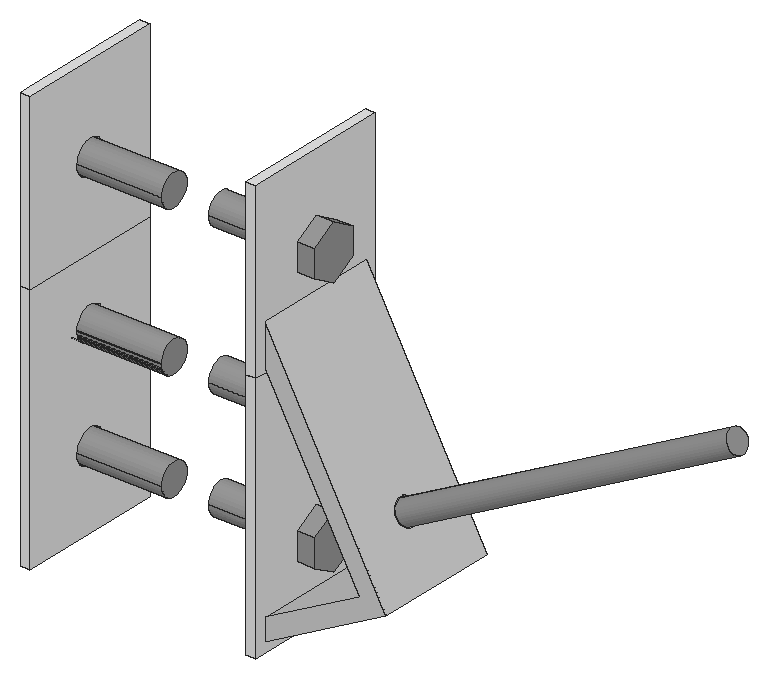
Revit family "CUSTOM GLULAM CONNECTOR", category Structural Connections, Revit 2017
Family settings
  Material for Model Behavior = Other
  Work Plane-Based = No
  Enable cutting in views = Yes
  Always vertical = Yes
  Cut with Voids When Loaded = No
  Shared = No
Parameters (values of type "CUSTOM BRACKET - 1ST - SILL")
  Width - Top = 0' - 6 7/8"
  Upper Plates - 2 = GL Plate - Up : DR
  Upper Plates - 1 = GL Plate - Up : DR
  URL = ""
  Top/Bottom Plate Thickness = 0' - 0 5/16"
  Top/Bottom Plate - Width = 0' - 7 1/2"
  Top Plate Visible = no
  Rod Visibility = yes
  Rod Radius = 0' - 0 3/8"
  Rod Length [instance] = 1' - 0"
  Plate Visibility - Upper Right 2 = no
  Plate Visibility - Upper Right 1 = yes
  Plate Visibility - Upper Left 2 = no
  Plate Visibility - Upper Left 1 = yes
  Plate Visibility - Lower Right 2 = no
  Plate Visibility - Lower Right 1 = yes
  Plate Visibility - Lower Left 2 = no
  Plate Visibility - Lower Left 1 = yes
  Plate Thickness = 0' - 0 5/16"
  Offset - Upper Plate 2 = 0' - 0"
  Lower Plates = GL Plate - Up : DR-lower
  Height of Plate = 0' - 8"
  Width - Bottom = 0' - 6 7/8"
  Plate Width = 0' - 4 3/4"
  Bracket Width = 0' - 4"
  Bracket Visibility = yes
  Bracket Thickness = 0' - 0 5/8"
  Bracket Offset in X = 0' - 3 3/4"
  Bracket Offset in Y = 0' - 0 3/8"
  Bracket Offset = 0' - 0 5/8"
  Bracket Material = 5/8" STEEL ANGLE (HDG AFTER FABRICATION)
  Bracket Leg = 0' - 4 3/8"
  Bracket Hole Radius - Up = 0' - 0 27/64"
  Bracket Hole Radius - Down = 0' - 0 1/64"
  Bracket Hole Offset = 0' - 2"
  Bottom Plate Visible = no
  Beam Width = 0' - 7 3/8"
  Angle 2 = 28.50°
  Angle 1 = 118.50°
Types (6): name | Upper Plates - 2 | Upper Plates - 1 | Rod Visibility | Rod Radius | Plate Visibility - Upper Right 2 | Plate Visibility - Upper Left 2 | Plate Visibility - Upper Left 1 | Plate Visibility - Lower Right 1 | Plate Visibility - Lower Left 1 | Offset - Upper Plate 2 | Lower Plates | Height of Plate | Plate Width | Bracket Width | Bracket Visibility | Bracket Offset in Y | Bracket Offset | Bracket Material | Bracket Leg | Bracket Hole Radius - Up | Bracket Hole Radius - Down | Bracket Hole Offset | Angle 2 | Angle 1
  CUSTOM - L5"x5"x5/16"x13" - HDG | GL Plate - Up : L5"X5"X5/16" -1 | GL Plate - Up : L5"X5"X5/16" -2 | no | 0' - 0 1/2" | yes | no | no | no | no | 0' - 0" | GL Plate - Up : 2nd - head -1 | 1' - 3" | 0' - 5" | 0' - 5 1/4" | no | 0' - 0 3/4" | 0' - 1 1/2" | L5"x5"x5/16" STEEL ANGLE (HDG AFTER FABRICATION) | 0' - 8" | 0' - 0 1/2" | 0' - 0 1/2" | 0' - 2" | 61.00° | 151.00°
  CUSTOM BRACKET - 1ST - HEAD | GL Plate - Up : C | GL Plate - Up : B 2 | no | 0' - 0 3/8" | yes | yes | yes | yes | yes | 0' - 1" | GL Plate - Up : D | 1' - 1" | 0' - 4 3/4" | 0' - 4" | yes | 0' - 0 3/8" | 0' - 1 3/4" | 5/8" STEEL ANGLE (HDG AFTER FABRICATION) | 0' - 8" | 0' - 0 1/64" | 0' - 0 27/64" | 0' - 2 1/2" | 61.50° | 151.50°
  CUSTOM BRACKET -2ND - SILL | GL Plate - Up : D2.2 | GL Plate - Up : D2.2 | yes | 0' - 0 3/8" | no | no | yes | yes | yes | 0' - 0" | GL Plate - Up : D2.1 | 0' - 4 1/2" | 0' - 4 3/4" | 0' - 4" | yes | 0' - 0 3/8" | 0' - 9 7/8" | 5/8" STEEL ANGLE (HDG AFTER FABRICATION) | 0' - 4 1/16" | 0' - 0 27/64" | 0' - 0 1/64" | 0' - 2" | 27.00° | 117.00°
  CUSTOM BRACKET - (C-ROOF) | GL Plate - Up : 2ND HEAD - UP | GL Plate - Up : 2ND HEAD - UP | no | 0' - 0 3/8" | yes | yes | yes | yes | yes | 0' - 0" | GL Plate - Up : 2nd - head -1 | 0' - 10" | 0' - 4 3/4" | 0' - 4" | yes | 0' - 0" | 0' - 1 3/8" | 5/8" STEEL ANGLE (HDG AFTER FABRICATION) | 0' - 8" | 0' - 0 1/64" | 0' - 0 27/64" | 0' - 2" | 63.00° | 153.00°
  CUSTOM BRACKET - 1ST - SILL | GL Plate - Up : DR | GL Plate - Up : DR | yes | 0' - 0 3/8" | no | no | yes | yes | yes | 0' - 0" | GL Plate - Up : DR-lower | 0' - 8" | 0' - 4 3/4" | 0' - 4" | yes | 0' - 0 3/8" | 0' - 0 5/8" | 5/8" STEEL ANGLE (HDG AFTER FABRICATION) | 0' - 4 3/8" | 0' - 0 27/64" | 0' - 0 1/64" | 0' - 2" | 28.50° | 118.50°
  CUSTOM - L5"x5"x5/16"x13" - RAW STEEL | GL Plate - Up : L5"X5"X5/16" -1 | GL Plate - Up : L5"X5"X5/16" -2 | no | 0' - 0 1/2" | yes | no | no | no | no | 0' - 0" | GL Plate - Up : 2nd - head -1 | 1' - 3" | 0' - 5" | 0' - 5 1/4" | no | 0' - 0 3/4" | 0' - 1 1/2" | L5"x5"x5/16" STEEL ANGLE (HDG AFTER FABRICATION) | 0' - 8" | 0' - 0 1/2" | 0' - 0 1/2" | 0' - 2" | 61.00° | 151.00°
Reference planes (in)
  plane 1 "Center (Front/Back)": y = 0
  plane 2: z = 0
  plane 3 "Center (Left/Right)": x = 0
  plane 4: x = -3.4375
  plane 5: x = 3.4375
  plane 6: z = 0.625
  plane 7: x = 3.75
  plane 8: y = 2.375
  plane 9: y = -2.375
  plane 10: z = 0.3125
  plane 11: x = -3.75
  plane 12: x = 3.75
  plane 13: z = 8.625
  plane 14: z = 8.3125
  plane 15: x = 3.4375
  plane 16: x = -3.4375
  plane 17: y = 2
  plane 18: y = -2
  plane 19: y = 0
  plane 20: x = 3.75
  plane 21: x = -3.75
  plane 22: x = 3.75
  plane 23: x = -3.75
  plane 24: z = 8.3125
Forms (in)
  Extrusion 1, solid, material "5/8" STEEL ANGLE (HDG AFTER FABRICATION)" <- "Bracket Material", visible <- "Bracket Visibility"
    sketch origin (0, 0, 0) x (1, 0, 0) y (0, 0, 1)
      loop
        line (3.75, 9.79386) -> (3.75, 8.48402) -> (6.74734, 2.96361) -> (3.75, 1.33618) -> (3.75, 0.625) -> (7.59482, 2.71257) -> (3.75, 9.79386)
    from -2 to 2
  Extrusion 2, solid, visible <- "Bottom Plate Visible"
    sketch origin (0, 0, -15.3125) x (1, 0, 0) y (0, 1, 0)
      loop
        line (-3.75, 2.375) -> (-3.75, -2.375) -> (3.75, -2.375) -> (3.75, 2.375) -> (-3.75, 2.375)
    from 15.625 to 15.3125
  Extrusion 3, solid, visible <- "Top Plate Visible"
    sketch origin (0, 0, -2.0625) x (1, 0, 0) y (0, 1, 0)
      loop
        line (3.4375, 2.375) -> (-3.4375, 2.375) -> (-3.4375, -2.375) -> (3.4375, -2.375) -> (3.4375, 2.375)
    from 10.6875 to 10.375
  Extrusion 4, void
    sketch origin (3.75, 0, 9.79386) x (-0.477159, 0, 0.878817) y (0, 1, 0)
      loop
        circle (-6.05775, 0) r 0.42188
    from 0 to 0.69376
  Extrusion 5, void
    sketch origin (7.59482, 0, 2.71257) x (0.878817, 0, 0.477159) y (0, 1, 0)
      loop
        circle (-2, 0) r 0.01562
    from 0 to 0.92067
  Extrusion 6, solid, material "3/4" GALV. ROD (THREADED AT ENDS) - TURN BUCKLE AT 1/4 POINT OF TOTAL LENGTH", visible <- "Rod Visibility"
    sketch origin (3.75, 0, 9.79386) x (0.477159, 0, -0.878817) y (0, 1, 0)
      loop
        circle (6.05775, 0) r 0.375
    from 0 to 12
Cuts and joins
  Extrusion 4, Extrusion 5 cuts Extrusion 1
Lines and regions (in)
  reference lines
    curve 1: line (3.75, 0, 9.79386) -> (7.59482, 0, 2.71257)
    curve 2: line (3.75, 0, 0.625) -> (7.59482, 0, 2.71257)
    curve 3: line (6.74734, 0, 2.96361) -> (2.05638, 0, 0.41662)
    curve 4: line (3.06916, 0, 9.73797) -> (6.74734, 0, 2.96361)
    curve 5: line (17.18631, 0, 10.19611) -> (6.64051, 0, 4.4702)
Dimensions and locks (in)
  equal spacing: plane 5, plane 3 "Center (Left/Right)", plane 4
  "Width - Bottom": plane 5 to plane 4
  "Bracket Offset": plane 6 to level
  equal spacing: plane 8, plane 1 "Center (Front/Back)", plane 9
  "Plate Width": plane 8 to plane 9
  "Top/Bottom Plate Thickness": plane 10 to level
  equal spacing: plane 12, plane 3 "Center (Left/Right)", plane 11
  "Bracket Leg": curve 2 to curve 2
  "Bracket Thickness": curve 2 to curve 3
  "Bracket Thickness": curve 4 to curve 1
  "Height of Plate": plane 14 to plane 10
  "Top/Bottom Plate Thickness": plane 13 to plane 14
  "Bracket Hole Offset": Extrusion 4 sketch curve to cut or joined group of Extrusion 1, Extrusion 4, Extrusion 5
  "Bracket Hole Offset": Extrusion 5 sketch curve to cut or joined group of Extrusion 1, Extrusion 4, Extrusion 5
  "Top/Bottom Plate - Width": plane 12 to plane 11
  equal spacing: plane 15, plane 3 "Center (Left/Right)", plane 16
  "Width - Top": plane 15 to plane 16
  "Bracket Width": plane 17 to plane 18
  "Bracket Offset in Y": plane 8 to plane 17
  equal spacing: plane 17, plane 19, plane 18
  "Bracket Offset in X": plane 7 to plane 3 "Center (Left/Right)"
  "Plate Thickness": plane 16 to plane 21
  "Plate Thickness": plane 20 to plane 15
  "Plate Thickness": plane 22 to plane 5
  "Plate Thickness": plane 4 to plane 23
  "Offset - Upper Plate 2": plane 24 to plane 14
  equal spacing: cut or joined group of Extrusion 1, Extrusion 4, Extrusion 5, Extrusion 6 sketch curve, cut or joined group of Extrusion 1, Extrusion 4, Extrusion 5
  "Bracket Hole Offset": Extrusion 6 sketch curve to cut or joined group of Extrusion 1, Extrusion 4, Extrusion 5
  "Rod Length": curve 1 to Extrusion 6
  "Bracket Hole Offset": curve 5 to curve 2
  "Rod Length": curve 1 to curve 5
  "Bracket Hole Radius - Up": radius of Extrusion 4 sketch curve
  "Bracket Hole Radius - Down": radius of Extrusion 5 sketch curve
  "Rod Radius": radius of Extrusion 6 sketch curve
  "Angle 2": angle plane 7 to curve 1
  "Angle 1": angle plane 7 to curve 2
  "Angle 1": angle plane 7 to curve 3
  "Angle 2": angle plane 7 to curve 4
  locked: curve 1 to curve 5 (angle 90.00°)
  aligned and locked: level to plane 2
  aligned and locked: plane 7 to Extrusion 1 sketch curve  (x2)
  aligned and locked: level to Extrusion 2
  aligned and locked: Extrusion 2 to plane 10
  aligned and locked: Extrusion 1 sketch curve to curve 4
  aligned and locked: curve 1 to Extrusion 1 sketch curve
  aligned and locked: plane 7 to curve 2
  aligned and locked: plane 6 to curve 2
  aligned and locked: plane 13 to Extrusion 3
  aligned and locked: Extrusion 3 to plane 14
  aligned and locked: Extrusion 1 sketch curve to curve 3
  aligned and locked: Extrusion 1 sketch curve to curve 2
  aligned and locked: curve 1 to Extrusion 4
  aligned and locked: Extrusion 5 to curve 2
  aligned and locked: plane 8 to Extrusion 2
  aligned and locked: Extrusion 2 to plane 9
  aligned and locked: plane 8 to Extrusion 3 sketch curve
  aligned and locked: Extrusion 3 sketch curve to plane 9
  aligned and locked: Extrusion 2 sketch curve to cut or joined group of Extrusion 1, Extrusion 4, Extrusion 5
  aligned and locked: plane 19 to Extrusion 5 sketch curve
  aligned and locked: plane 19 to Extrusion 4 sketch curve
  aligned and locked: plane 17 to Extrusion 1
  aligned and locked: Extrusion 1 to plane 18
  aligned and locked: plane 15 to nested 1
  aligned and locked: plane 16 to nested 3
  aligned and locked: plane 4 to nested 7
  aligned and locked: nested 2 to plane 9
  aligned and locked: plane 9 to nested 4
  aligned and locked: plane 8 to nested 6
  aligned and locked: nested 8 to plane 8
  aligned and locked: nested 2 to plane 22
  aligned and locked: nested 4 to plane 23
  aligned and locked: plane 22 to nested 6
  aligned and locked: plane 22 to curve 1
  aligned and locked: plane 23 to nested 8
  aligned and locked: plane 8 to nested 5
  aligned and locked: nested 7 to plane 8
  aligned and locked: nested 3 to plane 9
  aligned and locked: plane 9 to nested 1
Automatic sketch dimensions
  Extrusion 3 sketch curve to plane 16 = 0' - 0"
  Extrusion 3 sketch curve to plane 15 = 0' - 0"
  Extrusion 2 sketch curve to plane 9 = 0' - 0"
  Extrusion 2 sketch curve to plane 23 = 0' - 0"
  Extrusion 2 sketch curve to plane 8 = 0' - 0"
Nested families (in)
  nested 1: "GL Plate - Up" at (3.4375, 0, 8.3125) x (0, 1, 0) z (0, 0, 1), type <- "Upper Plates - 1", visible <- "Plate Visibility - Upper Right 1", type "DR"
    with Top Offset 0' - 2 3/4", Height 0' - 5 1/2", Bolt Visibility no
  nested 2: "GL Plate - Up" at (6.125, -2.375, 8.3125), type <- "Upper Plates - 2", visible <- "Plate Visibility - Upper Right 2", type "DR"
    with Top Offset 0' - 2 3/4", Height 0' - 5 1/2", Bolt Visibility no
  nested 3: "GL Plate - Up" at (-3.4375, 0, 8.3125) x (0, 1, 0) z (0, 0, 1), type <- "Upper Plates - 1", visible <- "Plate Visibility - Upper Left 1", type "DR"
    with Top Offset 0' - 2 3/4", Height 0' - 5 1/2", Bolt Visibility no
  nested 4: "GL Plate - Up" at (-6.125, -2.375, 8.3125) x (-1, 0, 0) z (0, 0, 1), visible <- "Plate Visibility - Upper Left 2", type <- "Upper Plates - 2", type "DR"
    with Top Offset 0' - 2 3/4", Height 0' - 5 1/2", Bolt Visibility no
  nested 5: "GL Plate - Up" at (3.4375, 0, 0.3125) x (0, 1, 0) z (0, 0, 1), visible <- "Plate Visibility - Lower Right 1", type <- "Lower Plates", type "DR-lower"
    with Bolt Visibility no
  nested 6: "GL Plate - Up" at (6.125, 2.375, 0.3125) x (-1, 0, 0) z (0, 0, 1), visible <- "Plate Visibility - Lower Right 2", type <- "Lower Plates", type "DR-lower"
    with Bolt Visibility no
  nested 7: "GL Plate - Up" at (-3.4375, 0, 0.3125) x (0, 1, 0) z (0, 0, 1), visible <- "Plate Visibility - Lower Left 1", type <- "Lower Plates", type "DR-lower"
    with Bolt Visibility no
  nested 8: "GL Plate - Up" at (-6.125, 2.375, 0.3125), visible <- "Plate Visibility - Lower Left 2", type <- "Lower Plates", type "DR-lower"
    with Bolt Visibility no
Definition of nested family "GL Plate - Up"
  Parameters (values of type "B")
    Width = 0' - 4 3/4"
    Plate Thickness = 0' - 0 5/16"
    Top Offset = 0' - 1 1/2"
    Plate Material = none
    Number of Holes = 4
    Midpoint Line Visibility = yes
    Hole Radius = 0' - 0 35/64"
    Height = 1' - 1"
    Default Elevation = 4' - 0"
    Bolt Visibility = yes
    Bolt Spacing = 0' - 3"
    Bolt Offset = 0' - 2 11/32"
    All Bolts Off Except One = yes
  Types (19): name | Width | Top Offset | Number of Holes | Midpoint Line Visibility | Hole Radius | Height | Bolt Spacing | Bolt Offset | All Bolts Off Except One
    B | 0' - 4 3/4" | 0' - 1 1/2" | 4 | yes | 0' - 0 35/64" | 1' - 1" | 0' - 3" | 0' - 2 11/32" | yes
    C | 0' - 4 3/4" | 0' - 1 1/2" | 4 | no | 0' - 0 35/64" | 1' - 0" | 0' - 3" | 0' - 2 3/8" | yes
    D | 0' - 4 3/4" | 0' - 2" | 3 | no | 0' - 0 35/64" | 1' - 2" | 0' - 3 1/2" | 0' - 2 3/8" | yes
    C2 | 0' - 4 3/4" | 0' - 2 1/2" | 4 | no | 0' - 0 35/64" | 1' - 3" | 0' - 3" | 0' - 2 3/8" | yes
    D2.1 | 0' - 4 3/4" | 0' - 2" | 2 | no | 0' - 0 35/64" | 0' - 3 1/2" | 0' - 3 1/2" | 0' - 2 3/8" | no
    D2.2 | 0' - 4 3/4" | 0' - 4 1/2" | 3 | no | 0' - 0 35/64" | 1' - 3" | 0' - 3 1/2" | 0' - 2 3/8" | yes
    D3 | 0' - 4 3/4" | 0' - 1 1/2" | 4 | no | 0' - 0 35/64" | 1' - 2" | 0' - 3" | 0' - 2 3/8" | yes
    DR | 0' - 4 3/4" | 0' - 3" | 2 | no | 0' - 0 35/64" | 0' - 6" | 0' - 3 1/2" | 0' - 2 3/8" | no
    DR-lower | 0' - 4 3/4" | 0' - 2" | 2 | no | 0' - 0 35/64" | 0' - 8" | 0' - 3 1/2" | 0' - 2 3/8" | yes
    2nd - head -1 | 0' - 4 3/4" | 0' - 2" | 2 | yes | 0' - 0 35/64" | 0' - 10" | 0' - 3 1/4" | 0' - 2 3/8" | yes
    2ND HEAD - UP | 0' - 4 3/4" | 0' - 2" | 4 | yes | 0' - 0 35/64" | 1' - 1" | 0' - 3" | 0' - 2 3/8" | yes
    L5"X5"X5/16" -2 | 0' - 5" | 0' - 2" | 4 | yes | 0' - 0 35/64" | 1' - 1" | 0' - 3" | 0' - 2 1/2" | yes
    L5"X5"X5/16" -1 | 0' - 4 11/16" | 0' - 2" | 4 | yes | 0' - 0 35/64" | 1' - 1" | 0' - 3" | 0' - 2 1/2" | yes
    L5"X5"X5/16" - 3 | 0' - 5" | 0' - 2" | 4 | yes | 0' - 0 35/64" | 1' - 1" | 0' - 3" | 0' - 3 1/8" | yes
    (2) HL46PC - 6 X 4.25 - .75 Bolt | 0' - 5" | 0' - 2" | 4 | yes | 0' - 0 27/64" | 1' - 1" | 0' - 3" | 0' - 2 3/8" | yes
    1 | 0' - 4 1/2" | 0' - 3" | 3 | yes | 0' - 0 3/8" | 1' - 0" | 0' - 3" | 0' - 2 3/8" | yes
    2 | 0' - 4 1/2" | 0' - 3" | 4 | yes | 0' - 0 3/8" | 1' - 3" | 0' - 3" | 0' - 2 3/8" | yes
    3 | 0' - 4 1/2" | 0' - 2 1/2" | 2 | yes | 0' - 0 3/8" | 0' - 5" | 0' - 3" | 0' - 2 3/8" | yes
    A | 0' - 4 1/2" | 0' - 2 1/2" | 2 | yes | 0' - 0 27/64" | 0' - 5" | 0' - 3" | 0' - 2 3/8" | yes
  Reference planes (in)
    plane 1 "Center (Front/Back)": y = 0
    plane 2: z = 0
    plane 3 "Center (Left/Right)": x = 0
    plane 4: z = 13
    plane 5: x = 2.375
    plane 6: y = -0.3125
    plane 7: z = 11.5
    plane 8: x = 0.03125
    plane 9: x = -2.375
    plane 10: z = 8.5
    plane 11: x = 0.03125
    plane 12 "Mid Plate": z = 6.5
    plane 13: x = 0.03125
    plane 14: z = 5.5
    plane 15: x = 0.03125
    plane 16: z = 2.5
    plane 17: x = 0.03125
  Forms (in)
    Extrusion 1, solid, material <- "Plate Material"
      sketch origin (0, 0, 0) x (1, 0, 0) y (0, 0, 1)
        loop
          line (-2.375, 13) -> (-2.375, 0) -> (2.375, 0) -> (2.375, 13) -> (-2.375, 13)
      from 0 to 0.3125
    Extrusion 2, void
      sketch origin (-2.46875, 0, -1.01191) x (1, 0, 0) y (0, 0, 1)
        loop
          circle (2.5, 12.51191) r 0.54688
      from 0 to 12
    Extrusion 3, void
      sketch origin (-2.46875, 0, -4.01191) x (1, 0, 0) y (0, 0, 1)
        loop
          circle (2.5, 12.51191) r 0.54688
      from 0 to 12
    Extrusion 4, void
      sketch origin (-2.46875, 0, -7.01191) x (1, 0, 0) y (0, 0, 1)
        loop
          circle (2.5, 12.51191) r 0.54688
      from 0 to 12
    Extrusion 5, void
      sketch origin (-2.46875, 0, -10.01191) x (1, 0, 0) y (0, 0, 1)
        loop
          circle (2.5, 12.51191) r 0.54688
      from 0 to 12
  Cuts and joins
    Extrusion 2, Extrusion 3, Extrusion 4, Extrusion 5 cuts Extrusion 1
  Dimensions and locks (in)
    "Height": plane 4 to plane 2
    "Plate Thickness": plane 1 "Center (Front/Back)" to plane 6
    equal spacing: plane 5, plane 3 "Center (Left/Right)", plane 9
    "Width": plane 5 to plane 9
    "Top Offset": plane 4 to plane 7
    equal spacing: group 1, group 2, group 3, group 4  (x2)
    equal spacing: group 4, group 3, group 2, group 1
    "Bolt Spacing": plane 7 to plane 10
    equal spacing: plane 4, plane 12 "Mid Plate", level
    plane 4 to nested 3 = 0' - 1 1/2"
    "Bolt Offset": plane 5 to plane 13
    "Hole Radius": radius of Extrusion 2 sketch curve
    "Hole Radius": radius of Extrusion 3 sketch curve
    "Hole Radius": radius of Extrusion 4 sketch curve
    "Hole Radius": radius of Extrusion 5 sketch curve
    aligned and locked: plane 2 to level
    aligned and locked: Extrusion 1 sketch curve to plane 4
    aligned and locked: Extrusion 1 sketch curve to plane 5
    aligned and locked: plane 6 to Extrusion 1
    aligned and locked: plane 7 to Extrusion 2 sketch curve
    aligned and locked: plane 8 to Extrusion 2 sketch curve
    aligned and locked: plane 9 to Extrusion 1 sketch curve
    aligned and locked: plane 10 to Extrusion 3 sketch curve
    aligned and locked: plane 11 to Extrusion 3 sketch curve
    aligned and locked: level to Extrusion 1 sketch curve
    aligned and locked: nested 1 to plane 7
    aligned and locked: nested 1 to plane 8
    aligned and locked: nested 2 to plane 10
    aligned and locked: nested 2 to plane 11
    aligned and locked: nested 3 to plane 7
    aligned and locked: plane 13 to plane 8
    aligned and locked: plane 13 to plane 11
    aligned and locked: plane 13 to nested 3
    aligned and locked: plane 14 to Extrusion 4 sketch curve
    aligned and locked: plane 15 to Extrusion 4 sketch curve
    aligned and locked: nested 4 to plane 14
    aligned and locked: nested 4 to plane 15
    aligned and locked: plane 16 to Extrusion 5 sketch curve
    aligned and locked: plane 17 to Extrusion 5 sketch curve
    aligned and locked: nested 5 to plane 16
    aligned and locked: nested 5 to plane 17
  Nested families (in)
    nested 1: "Lag Bolt" at (0.03125, -0.3125, 11.5) x (1, 0, 0) z (0, -1, 0), visible <- "All Bolts Off Except One", type "ONE"
    nested 2: "Lag Bolt" at (0.03125, -0.3125, 8.5) x (1, 0, 0) z (0, -1, 0), visible <- "All Bolts Off Except One", type "ONE"
    nested 3: "Lag Bolt" at (0.03125, -0.3125, 11.5) x (1, 0, 0) z (0, -1, 0), type "ONE"
    nested 4: "Lag Bolt" at (0.03125, -0.3125, 5.5) x (1, 0, 0) z (0, -1, 0), visible <- "All Bolts Off Except One", type "ONE"
    nested 5: "Lag Bolt" at (0.03125, -0.3125, 2.5) x (1, 0, 0) z (0, -1, 0), visible <- "All Bolts Off Except One", type "ONE"
  Definition of nested family "Lag Bolt"
    Parameters (values of type "ONE")
      Side = Head Size * 0.57812  # 0' - 0 111/128"
      Radius = Diameter / 2  # 0' - 0 1/2"
      Length = 0' - 3"
      Head Size = 0' - 1 1/2"
      Head Radius = Head Size / 2  # 0' - 0 3/4"
      Head Height = 0' - 0 151/256"
      Diameter = 0' - 1"
      Default Elevation = 4' - 0"
      Bolt Material (Size) = none
    Types (3): name | Side | Radius | Length | Head Size | Head Radius | Head Height | Diameter
      3/4" x 4" | 0' - 0.65039" | 0' - 0 3/8" | 0' - 3" | 0' - 1 1/8" | 0' - 0 9/16" | 0' - 0 1/2" | 0' - 0 3/4"
      1/2" x 4" | 0' - 0 111/256" | 0' - 0 1/4" | 0' - 4" | 0' - 0 3/4" | 0' - 0 3/8" | 0' - 0 1/2" | 0' - 0 1/2"
      ONE | 0' - 0 111/128" | 0' - 0 1/2" | 0' - 3" | 0' - 1 1/2" | 0' - 0 3/4" | 0' - 0 151/256" | 0' - 1"
    Reference planes (in)
      plane 1 "Center (Front/Back)": y = 0
      plane 2: z = 0
      plane 3 "Center (Left/Right)": x = 0
      plane 4: z = 0.58984
      plane 5: z = -3
      plane 6: y = 0
      plane 7: x = 0
    Forms (in)
      Extrusion 1, solid, material <- "Bolt Material (Size)"
        sketch origin (0, 0, 0) x (1, 0, 0) y (0, 1, 0)
          loop
            line (0, 0.86603) -> (-0.75, 0.43301) -> (-0.75, -0.43301) -> (0, -0.86603) -> (0.75, -0.43301) -> (0.75, 0.43301) -> (0, 0.86603)
        from 0 to 0.58984
      Extrusion 2, solid, material <- "Bolt Material (Size)"
        sketch origin (0, 0, 0) x (1, 0, 0) y (0, 1, 0)
          loop
            circle (0, 0) r 0.5
        from -3 to 0
    Lines and regions (in)
      model lines
        curve 1: line (0, -0.86603, 0.58984) -> (0, 0.86603, 0.58984)
        curve 2: line (1.5, 0, 0.58984) -> (-0.75, 0, 0.58984)
      symbolic lines
        curve 3: line (0, 0, 0.58984) -> (0, 0, -3)
        curve 4: line (0, 0, 0.58984) -> (0, 0, -3)
    Dimensions and locks (in)
      "Head Height": plane 4 to level
      "Length": level to plane 5
      "Head Radius": Extrusion 1 sketch curve to plane 3 "Center (Left/Right)"
      "Head Radius": Extrusion 1 sketch curve to plane 7
      "Head Radius": Extrusion 1 sketch curve to plane 6  (x2)
      "Radius": radius of Extrusion 2 sketch curve
      locked: Extrusion 1 sketch curve to Extrusion 1 sketch curve (angle 120.00°)  (x5)
      aligned and locked: level to plane 2
      aligned and locked: Extrusion 1 to plane 4
      aligned and locked: Extrusion 2 to plane 5
      aligned and locked: plane 7 to curve 1
      aligned and locked: plane 6 to curve 2
      aligned and locked: plane 6 to curve 4
    Automatic sketch dimensions
      curve 2 to Extrusion 1 = 0' - 0"
      curve 1 to Extrusion 1 = 0' - 0"
      Extrusion 1 to curve 1 = 0' - 0"
      Extrusion 1 to curve 2 = 0' - 0"
      curve 3 to plane 3 "Center (Left/Right)" = 0' - 0"
      curve 3 to plane 5 = 0' - 0"
      curve 3 to plane 4 = 0' - 0"
      curve 4 to plane 5 = 0' - 0"
      curve 4 to plane 4 = 0' - 0"
      Extrusion 1 sketch curve to plane 3 "Center (Left/Right)" = 0' - 0"  (x2)
      plane 1 "Center (Front/Back)" to Extrusion 2 sketch curve = 0' - 0"
      Extrusion 2 sketch curve to plane 3 "Center (Left/Right)" = 0' - 0"
